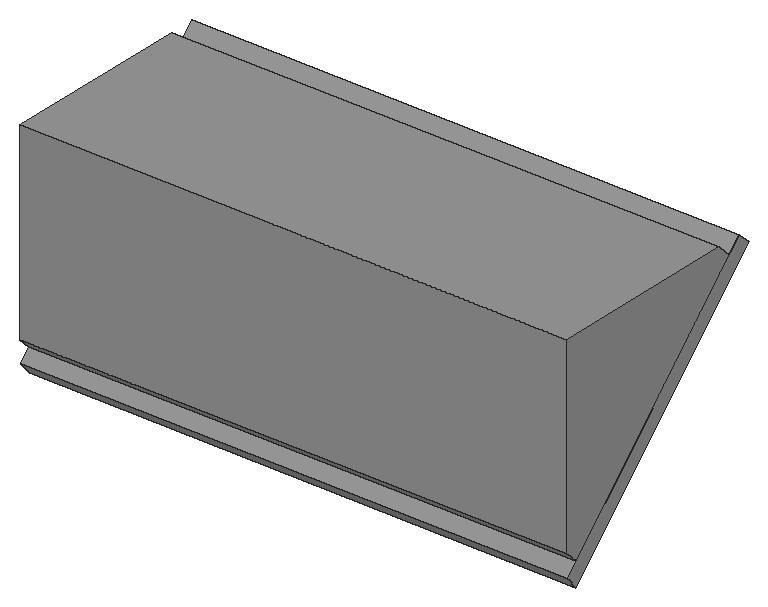
Revit family "MARIONA_21W_3000K_1300LM_NOIR", category Lighting Fixtures, host Wall, Revit 2021
Family settings
  Host = Wall
  Round Connector Dimension = Use Diameter
  Part Type = Normal
  OmniClass Number = 23.80.70.00
  OmniClass Title = Lighting
  Always vertical = Yes
  Cut with Voids When Loaded = No
  Light Source = Yes
  Shared = No
  Room Calculation Point = No
Parameters (values of type "Type 1")
  Wattage = 8.75174 W
  built-in parameter 1150110 = 1 (stored number, unit not read)
  Type de lampe = "2835 SMD LED"
  Type = "Applique murale"
  built-in parameter 1114217 = 1 (stored number, unit not read)
  built-in parameter 1150109 = 1 (stored number, unit not read)
  built-in parameter 1150134 = (empty or 0)
  built-in parameter 1150113 = 1 (stored number, unit not read)
  Puissance nominale = "21W"
  Matériau = "ABS"
  Lumens = 1300 lm
  built-in parameter 1150115 = 1 (stored number, unit not read)
  built-in parameter 1150105 = 413.8 (stored number, unit not read)
  Light Source Symbol Size = 609.6 mm
  built-in parameter 1150137 = (empty or 0)
  built-in parameter 1150139 = (empty or 0)
  built-in parameter 1150112 = 1 (stored number, unit not read)
  built-in parameter 1150114 = 1 (stored number, unit not read)
  built-in parameter 1150132 = 2
  built-in parameter 1150102 = (empty or 0)
  built-in parameter 1150138 = (empty or 0)
  built-in parameter 1150107 = 3000 (stored number, unit not read)
  built-in parameter 1150106 = 4.138 (stored number, unit not read)
  Fintion = "Noir"
  Emit from Line Length = 609.6 mm
  built-in parameter 1150104 = 13.8 (stored number, unit not read)
  Driver = "Driver Kegu 500mA"
  Dimming Lamp Color Temperature Shift = <None>
  Dimensions = "320 x 133 x 134 mm"
  Diffuseur = "Polycarbonate"
  Default Elevation = 0 mm
  Color Filter = 16777215
  built-in parameter 1114218 = 1 (stored number, unit not read)
  built-in parameter 1150133 = 10 (stored number, unit not read)
  Alimentation luminaire = "300mA"
  Alimentation Driver = "AC 220-240V"
Reference planes
  plane 1: y = 0
  plane 2 "Light Source Axis (L/R)": x = 125
  plane 3 "Light Source Axis (F/R)": y = 1000.784
  plane 4 "Light Source Elevation": z = 1856.6
Forms (mm)
  Extrusion 1, solid, material "Acrylic"
    sketch origin (125, 0, 0) x (0, 1, 0) y (0, 0, 1)
      loop
        line (193.101, 1926.539) -> (185.64, 1934) -> (75, 1934) -> (75, 1821.458) -> (81.51, 1814.948) -> (193.101, 1926.539)
    from -160 to 160
  Extrusion 2, solid, material "Acrylic"
    sketch origin (125, 0.215, -6.454) x (0, 1, 0) y (0, 0, 1)
      loop
        line (207.336, 1933.336) -> (200.282, 1940.39) -> (74.941, 1815.049) -> (81.502, 1807.502) -> (207.336, 1933.336)
    from -160 to 160
  Extrusion 3, void
    sketch origin (125, 0.215, -6.454) x (0, 1, 0) y (0, 0, 1)
      loop
        line (215.445, 1921.555) -> (201.27, 1935.73) -> (79.344, 1813.803) -> (93.519, 1799.628) -> (215.445, 1921.555)
    from -151.719 to 150.519
  Extrusion 4, solid, material "Glass, White, High Luminance"
    sketch origin (125, 0.215, -6.454) x (0, 1, 0) y (0, 0, 1)
      loop
        line (204.806, 1932.194) -> (82.879, 1810.268) -> (84.217, 1808.929) -> (206.144, 1930.856) -> (204.806, 1932.194)
    from -151.719 to 150.519
Cuts and joins
  Extrusion 3 cuts Extrusion 2
Lines and regions (mm)
  reference lines
    curve 1: line (125, 1000.784, 1785) -> (-35, 1000.784, 1785)
    curve 2: line (-35, 1000.784, 1785) -> (-35, 1000.784, 1919)
    curve 3: line (-35, 1000.784, 1919) -> (285, 1000.784, 1919)
    curve 4: line (285, 1000.784, 1919) -> (285, 1000.784, 1785)
    curve 5: line (285, 1000.784, 1785) -> (125, 1000.784, 1785)
    curve 6: line (125, 75, 1800) -> (125, 208, 1800)
    curve 7: line (125, 208, 1800) -> (125, 208, 1934)
    curve 8: line (125, 208, 1934) -> (125, 75, 1934)
Text (mm)
  text "Placement side" at (-1787.139, 1116.779, 0), in view "Ref. Level"
  text "Placement side" at (0, 296.899, 2986.058), in view "Left"
  text "Placement side" at (0, 628.478, 3011.967), in view "Right"
Dimensions and locks
  aligned and locked: plane 1 to host wall
  aligned and locked: plane 2 "Light Source Axis (L/R)" to imposter light
